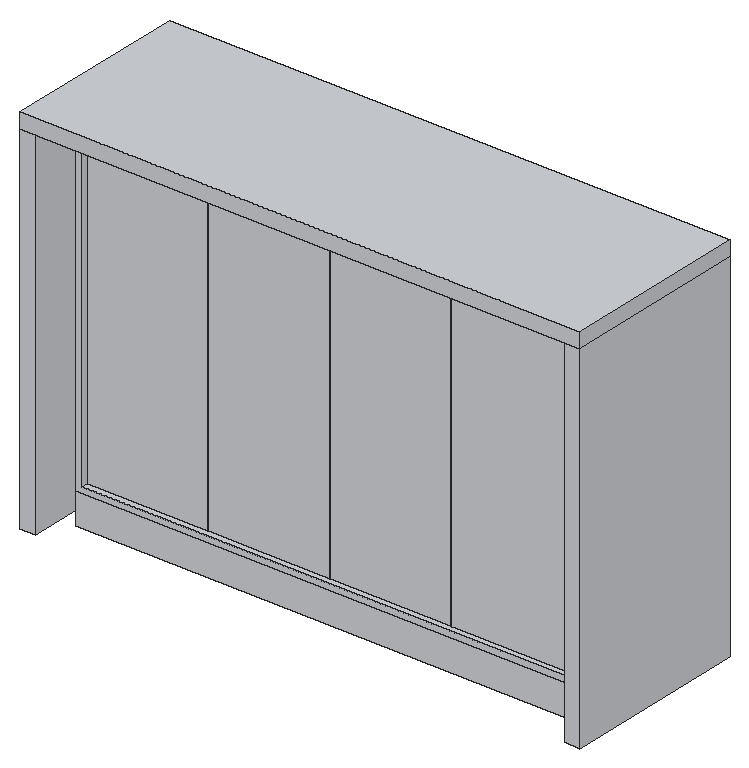
Revit family "bancada_growarq", category Modelos genéricos, Revit 2027
Family settings
  Pode hospedar o vergalhão = Não
  Cota do conector redondo = Utilizar diâmetro
  Tipo de parte = Normal
  Número de classificação = 23.40.20.00
  Com base no plano de trabalho = Sim
  Sempre na vertical = Sim
  Corte com vazios quando carregada = Sim
  Manter orientação da anotação = Não
  Compartilhado = Não
  Ponto de cálculo do ambiente = Não
Parameters
  V - Tampo [instance] = yes
  V - Pés [instance] = yes
  V - Portas [instance] = yes
  V - Lateral 2 [instance] = yes
  V - Lateral 1 [instance] = yes
  V - Corpo [instance] = yes
  V - Armário [instance] = yes
  Tampo [instance] = none
  Pés [instance] = none
  Profundidade [instance] = 60 cm
  Portas [instance] = none
  N. Portas [instance] = 4
  Largura [instance] = 180 cm
  Folha l [instance] = ((Largura - (2 * Afastamento Corpo) - (2 * Espessura Corpo)) / N. Portas) - 0.2 cm  # 38.8 cm
  Folha h [instance] = Altura - Altura Pés - Espessura Tampo - Espessura Corpo - Espessura Corpo  # 101 cm
  Espessura Portas [instance] = 2 cm
  Espessura Corpo [instance] = 2 cm
  Default Elevation = 121.92 cm
  Descrição = "Granito"
  Corpo [instance] = none
  Espessura Tampo [instance] = 5 cm
  Altura Pés [instance] = 10 cm
  Altura [instance] = 120 cm
  Afastamento Pés [instance] = 10 cm
  Afastamento Corpo [instance] = 10 cm
Reference planes (cm)
  plane 1 "Centro (Frente/Trás)": y = 0
  plane 2: z = 0
  plane 3 "Centro (Esquerda/Direita)": x = 0
  plane 4: x = 90
  plane 5: x = -90
  plane 6: y = 30
  plane 7: y = -30
  plane 8 "Topo": z = 120
  plane 9 "Pés": z = 10
  plane 10: z = 115
Forms (cm)
  Extrusion 1, solid, material <- "Tampo", visible <- "V - Tampo"
    sketch origin (0, 0, 120) x (0, -1, 0) y (1, 0, 0)
      loop
        line (-30, -90) -> (30, -90) -> (30, 90) -> (-30, 90) -> (-30, -90)
    from 0 to -5
  Extrusion 2, solid, material <- "Pés", visible <- "V - Pés"
    sketch origin (0, 0, 0) x (1, 0, 0) y (0, 1, 0)
      loop
        line (-80, 20) -> (-80, -20) -> (80, -20) -> (80, 20) -> (-80, 20)
    from 0 to 10
  Extrusion 3, solid, material <- "Corpo", visible <- "V - Corpo"
    sketch origin (0, 0, 0) x (1, 0, 0) y (0, 1, 0)
      loop
        line (-80, 20) -> (-80, -20) -> (80, -20) -> (80, 20) -> (-80, 20)
    from 10 to 115
  Extrusion 4, void
    sketch origin (0, 0, 0) x (1, 0, 0) y (0, 1, 0)
      loop
        line (-78, -20) -> (78, -20) -> (78, 18) -> (-78, 18) -> (-78, -20)
    from 12 to 113
  Extrusion 5, solid, material <- "Tampo", visible <- "V - Lateral 2"
    sketch origin (0, 0, 0) x (1, 0, 0) y (0, 1, 0)
      loop
        line (90, -30) -> (90, 30) -> (85, 30) -> (85, -30) -> (90, -30)
    from 0 to 115
  Extrusion 6, solid, material <- "Tampo", visible <- "V - Lateral 1"
    sketch origin (0, 0, 0) x (1, 0, 0) y (0, 1, 0)
      loop
        line (-90, 30) -> (-90, -30) -> (-85, -30) -> (-85, 30) -> (-90, 30)
    from 0 to 115
Cuts and joins
  Extrusion 4 cuts Extrusion 2
  Extrusion 4 cuts Extrusion 3
Lines and regions (cm)
  symbolic lines, visible <- "V - Armário"
    curve 1: line (-90, -30, 0) -> (90, 30, 0)
Dimensions and locks (cm)
  equal spacing: plane 6, plane 1 "Centro (Frente/Trás)", plane 7
  equal spacing: plane 5, plane 3 "Centro (Esquerda/Direita)", plane 4
  "Largura": plane 5 to plane 4
  "Profundidade": plane 6 to plane 7
  "Altura": plane 8 "Topo" to plane 2
  "Espessura Tampo": plane 8 "Topo" to plane 10
  "Altura Pés": plane 9 "Pés" to plane 2
  "Afastamento Pés": Extrusion 2 sketch curve to plane 7
  "Afastamento Pés": plane 6 to Extrusion 2 sketch curve
  "Afastamento Pés": Extrusion 2 sketch curve to plane 4
  "Afastamento Pés": plane 5 to Extrusion 2 sketch curve
  "Afastamento Corpo": Extrusion 3 sketch curve to plane 4
  "Afastamento Corpo": plane 5 to Extrusion 3 sketch curve
  "Afastamento Corpo": Extrusion 3 sketch curve to plane 7
  "Afastamento Corpo": plane 6 to Extrusion 3 sketch curve
  locked: Extrusion 3 to Extrusion 4 sketch curve at 2
  "Espessura Corpo": Extrusion 3 to Extrusion 4 sketch curve
  "Espessura Corpo": Extrusion 4 sketch curve to Extrusion 3
  "Espessura Corpo": plane 10 to cut or joined group of Extrusion 3, Extrusion 4
  "Espessura Corpo": cut or joined group of Extrusion 3, Extrusion 4 to plane 9 "Pés"
  "Espessura Tampo": Extrusion 5 sketch curve to plane 4
  "Espessura Tampo": plane 5 to Extrusion 6 sketch curve
  "Espessura Corpo": cut or joined group of Extrusion 3, Extrusion 4 to nested 1
  equal spacing: group 1, group 3, group 4, group 2  (x3)
  aligned and locked: level to plane 2
  aligned and locked: plane 10 to Extrusion 1
  aligned and locked: Extrusion 2 to plane 9 "Pés"
  aligned and locked: Extrusion 3 to plane 10
  aligned and locked: plane 9 "Pés" to Extrusion 3
  aligned and locked: Extrusion 3 to Extrusion 4 sketch curve
  aligned and locked: Extrusion 5 sketch curve to plane 6
  aligned and locked: plane 7 to Extrusion 5 sketch curve
  aligned and locked: Extrusion 5 sketch curve to plane 4
  aligned and locked: Extrusion 5 to plane 10
  aligned and locked: Extrusion 6 to plane 10
  aligned and locked: cut or joined group of Extrusion 3, Extrusion 4 to nested 1  (x2)
  aligned and locked: cut or joined group of Extrusion 3, Extrusion 4 to nested 2  (x2)
  aligned and locked: nested 1 to nested 2
Automatic sketch dimensions
  Extrusion 1 sketch curve to plane 4 = 0 cm
  Extrusion 1 sketch curve to plane 6 = 0 cm
  Extrusion 1 sketch curve to plane 5 = 0 cm
  Extrusion 1 sketch curve to plane 7 = 0 cm
  curve 1 to plane 5 = 0 cm
  curve 1 to plane 4 = 0 cm
  curve 1 to plane 7 = 0 cm
  curve 1 to plane 6 = 0 cm
  Extrusion 6 sketch curve to plane 5 = 0 cm
  Extrusion 6 sketch curve to plane 7 = 0 cm
  Extrusion 6 sketch curve to plane 6 = 0 cm
Nested families (cm)
  nested 1: "Porta Folha Simples" at (-58.6, -16, 12), visible <- "V - Portas", type "Porta Folha Simples"
    with l 38.8 cm, h 101 cm, e 2 cm
  nested 2: "Porta Folha Simples" at (58.6, -16, 12), visible <- "V - Portas", type "Porta Folha Simples"
    with l 38.8 cm, h 101 cm, e 2 cm
  nested 3: "Porta Folha Simples" at (-19.5333, -16, 12), visible <- "V - Portas", type "Porta Folha Simples"
    with l 38.8 cm, h 101 cm, e 2 cm
  nested 4: "Porta Folha Simples" at (19.5333, -16, 12), visible <- "V - Portas", type "Porta Folha Simples"
    with l 38.8 cm, h 101 cm, e 2 cm
Definition of nested family "Porta Folha Simples"
  Parameters (values of type "Porta Folha Simples")
    l = 100 cm
    h = 122.0935 cm
    e = 1 cm
    Material = none
    Default Elevation = 0 cm
  Reference planes (cm)
    plane 1 "Centro (Frente/Trás)": y = 0
    plane 2: z = 0
    plane 3 "Centro (Esquerda/Direita)": x = 0
    plane 4: x = 50
    plane 5: x = -50
    plane 6: z = 122.0935
    plane 7: z = 61.0468
  Forms (cm)
    Extrusion 1, solid, material <- "Material"
      sketch origin (0, 0, 0) x (1, 0, 0) y (0, 0, 1)
        loop
          line (-50, 122.0935) -> (-50, 0) -> (50, 0) -> (50, 122.0935) -> (-50, 122.0935)
      from 0 to 1 <- "e"
  Dimensions and locks (cm)
    equal spacing: plane 5, plane 3 "Centro (Esquerda/Direita)", plane 4
    "l": plane 5 to plane 4
    "h": plane 6 to level
    equal spacing: plane 6, plane 7, level
    aligned and locked: level to plane 2
  Automatic sketch dimensions
    Extrusion 1 sketch curve to level = 0 cm
    plane 5 to Extrusion 1 sketch curve = 0 cm
    Extrusion 1 sketch curve to plane 4 = 0 cm
    Extrusion 1 sketch curve to plane 6 = 0 cm
